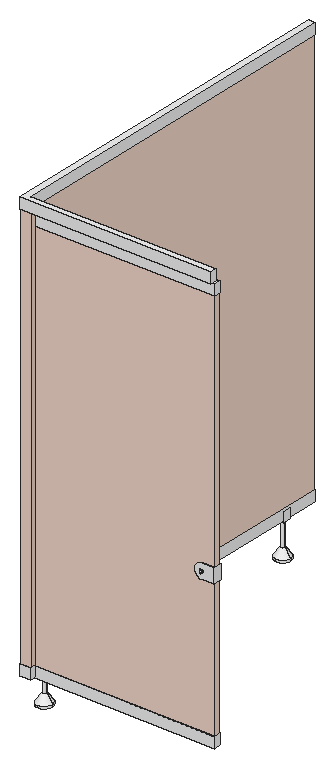
Revit family
Parameters
  Vis - Placement Lines = yes
  Vis - Door RHS = no
  Vis - Door LHS = yes
  Vis - Cubicle Legs = yes
  Top Frame Depth = 45 mm
  Plumbing Duct Depth = 300 mm
  Material Cubicle Panels = Toilet Cubicle Paneling
  Material Cubicle Frame = Toilet Cubicle Frame
  Material Cubicle Feet = Toilet Cubicle Feet
  Keynote = "K32"
  Handle Mounting Height = 800 mm
  Door Width = Cubicle Width - 65 mm  # 755 mm
  Door Head Clearance = 10 mm
  Cubicle Width = Cubicle Clear Width + Cubicle Panel Thickness  # 820 mm
  Cubicle Panel Thickness = 20 mm
  Cubicle Height = 1800 mm
  Cubicle Depth = 1500 mm
  Cubicle Clear Width = 800 mm
  Bttm Frame Depth = 45 mm
  Base Offset = 150 mm
Reference planes
  plane 1 "Center (Front/Back)": y = 0
  plane 2: z = 0
  plane 3 "Center (Left/Right)": x = -12.069
  plane 4: x = -422.069
  plane 5: x = 397.931
  plane 6: y = -1800
  plane 7: y = -300
  plane 8: z = 150
  plane 9: z = 1950
  plane 10: x = -389.569
  plane 11: x = 365.431
  plane 12: z = 1905
  plane 13: z = 1895
  plane 14: x = -454.569
  plane 15: x = 430.431
  plane 16: y = -450
  plane 17: y = -1700
  plane 18: z = 800
  plane 19: z = 195
Forms (mm)
  Extrusion 1, solid, material "Toilet Cubicle Frame" <- "Material Cubicle Frame"
    sketch origin (0, -300, 0) x (1, 0, 0) y (0, 0, 1)
      loop
        line (-435.069, 1905) -> (-409.069, 1905) -> (-409.069, 1950) -> (-435.069, 1950) -> (-435.069, 1905)
      loop
        line (-435.069, 195) -> (-435.069, 150) -> (-409.069, 150) -> (-409.069, 195) -> (-435.069, 195)
    from 0 to 1513
  Extrusion 2, solid, material "Toilet Cubicle Frame" <- "Material Cubicle Frame"
    sketch origin (142.5, 0, 1950) x (0, -1, 0) y (-1, 0, 0)
      loop
        line (1813, 551.569) -> (1787.295, 551.569) -> (1787.295, -222.931) -> (1813, -222.931) -> (1813, 551.569)
    from 0 to 45
  Extrusion 3, solid, material "Toilet Cubicle Frame" <- "Material Cubicle Frame"
    sketch origin (0, 0, 1950) x (0, -1, 0) y (-1, 0, 0)
      loop
        line (1813, 409.069) -> (1787.25, 409.069) -> (1787.25, 389.569) -> (1813, 389.569) -> (1813, 409.069)
    from 1755 to 1800
  Sweep 4, solid, material "Toilet Cubicle Paneling" <- "Material Cubicle Panels"
    path origin (0, 0, 0) x (1, 0, 0) y (0, 1, 0)
      loop
        line (-422.069, -300) -> (-422.069, -1800) -> (-389.569, -1800)
    profile origin (-422.069, -1050, 0) x (1, 0, 0) y (0, 0, 1)
      loop
        line (-10, 195) -> (10, 195) -> (10, 1905) -> (-10, 1905) -> (-10, 195)
Cuts and joins
  joined: Extrusion 1, Extrusion 2, Extrusion 3
Lines and regions (mm)
  symbolic lines, style "Toilet Cubicles", visible <- "Vis - Placement Lines"
    curve 1: line (-422.069, -300, 0) -> (397.931, -300, 0)
    curve 2: line (397.931, -300, 0) -> (397.931, -1800, 0)
Dimensions and locks
  equal spacing: plane 4, plane 3 "Center (Left/Right)", plane 5
  "Cubicle Width": plane 4 to plane 5
  "Plumbing Duct Depth": plane 7 to plane 1 "Center (Front/Back)"
  "Cubicle Depth": plane 6 to plane 7
  "Base Offset": plane 8 to level
  "Cubicle Height": plane 9 to plane 8
  equal spacing: plane 10, plane 3 "Center (Left/Right)", plane 11
  "Door Width": plane 10 to plane 11
  "Top Frame Depth": plane 9 to plane 12
  "Door Head Clearance": plane 12 to plane 13
  equal spacing: plane 14, plane 4, plane 10
  equal spacing: plane 11, plane 5, plane 15
  plane 16 to plane 7 = 150 mm
  plane 6 to plane 17 = 100 mm
  "Handle Mounting Height": plane 18 to level
  "Bttm Frame Depth": plane 19 to plane 8
  equal spacing: Sweep 4 sketch curve, nested 3, Sweep 4 sketch curve
  "Cubicle Panel Thickness": Sweep 4 sketch curve to Sweep 4 sketch curve
  aligned and locked: plane 16 to nested 1
  aligned and locked: nested 1 to plane 4
  aligned and locked: nested 2 to plane 4
  aligned and locked: plane 17 to nested 2
  aligned and locked: Extrusion 2 to plane 9
  aligned and locked: plane 12 to Extrusion 2
  aligned and locked: Extrusion 2 sketch curve to plane 11
  aligned and locked: plane 8 to Extrusion 3
  aligned and locked: nested 3 to plane 13
  aligned and locked: Extrusion 2 to cut or joined group of Extrusion 1, Extrusion 2, Extrusion 3
  aligned and locked: plane 6 to nested 3
  aligned and locked: nested 3 to plane 3 "Center (Left/Right)"
  aligned and locked: curve 1 to cut or joined group of Extrusion 1, Extrusion 2, Extrusion 3
  aligned and locked: plane 5 to curve 2
  aligned and locked: Extrusion 1 sketch curve to plane 19
  aligned and locked: plane 19 to cut or joined group of Extrusion 1, Extrusion 2, Extrusion 3
  aligned and locked: plane 4 to Sweep 4 sketch curve
  aligned and locked: nested 3 to Sweep 4 sketch curve
  aligned and locked: plane 6 to Sweep 4 sketch curve
  aligned and locked: Sweep 4 to plane 12
  aligned and locked: Sweep 4 sketch curve to plane 19
  aligned and locked: Sweep 4 sketch curve to plane 12
  aligned and locked: cut or joined group of Extrusion 1, Extrusion 2, Extrusion 3 to cut or joined group of Extrusion 1, Extrusion 2, Extrusion 3
Automatic sketch dimensions
  Extrusion 1 sketch curve to plane 8 = 0 mm
  Extrusion 1 sketch curve to plane 12 = 0 mm
  Extrusion 1 sketch curve to plane 9 = 0 mm
  Extrusion 2 sketch curve to plane 6 = 12.705 mm
  plane 6 to Extrusion 2 sketch curve = 13 mm
  Extrusion 2 sketch curve to Extrusion 2 sketch curve = 774.5 mm
  Extrusion 3 sketch curve to plane 10 = 0 mm
  plane 6 to Extrusion 3 sketch curve = 13 mm
  Extrusion 3 sketch curve to plane 4 = 13 mm
  plane 4 to Extrusion 1 sketch curve = 13 mm  (x2)
  Extrusion 1 sketch curve to plane 4 = 13 mm  (x2)
  curve 1 to plane 4 = 0 mm
  curve 2 to plane 6 = 0 mm
  Extrusion 3 sketch curve to plane 6 = 12.75 mm
  Sweep 4 sketch curve to plane 7 = 0 mm
Nested families
  nested 1: "Toilet Cubicle Leg" at (-422.069, -450, 0), type "Toilet Cubicle Leg"
  nested 2: "Toilet Cubicle Leg" at (-422.069, -1700, 0), type "Toilet Cubicle Leg"
  nested 3: "UK_Toilet Door" at (-10, 0, 0), Cubicle Width <- "Cubicle Width", type "End/Corner Cubicle"
    with Door Width 755 mm, Cubicle Width 820 mm
Definition of nested family "Toilet Cubicle Leg"
  Parameters
    Vis - Cubicle Legs = yes
    Partition Thickness = 20 mm
    Material Legs = Metal - Aluminium
    Foot Height = 150 mm
  Reference planes
    plane 1 "Center (Front/Back)": y = 0
    plane 2: z = 0
    plane 3 "Center (Left/Right)": x = 0
    plane 4: z = 150
    plane 5: x = -10
    plane 6: x = 10
  Forms (mm)
    Revolve 1, solid, material "Metal - Aluminium" <- "Material Legs", visible <- "Vis - Cubicle Legs"
      sketch origin (0, 0, 0) x (1, 0, 0) y (0, 0, 1)
        loop
          line (-7.5, 145) -> (-7.5, 43.57) -> (-32.943, 7.234) -> (-32.943, 0) -> (0, 0) -> (0, 145) -> (-7.5, 145)
        axis (0, 0) -> (0, 145)
      angle from 0 to 360
    Extrusion 2, solid, material "Metal - Aluminium" <- "Material Legs", visible <- "Vis - Cubicle Legs"
      sketch origin (0, 0, 0) x (1, 0, 0) y (0, 0, 1)
        loop
          line (15, 145) -> (15, 185) -> (10, 185) -> (10, 150) -> (-10, 150) -> (-10, 185) -> (-15, 185) -> (-15, 145) -> (15, 145)
      from 15 to -15
  Dimensions and locks
    "Foot Height": plane 4 to plane 2
    "Partition Thickness": plane 6 to plane 5
    equal spacing: plane 6, plane 3 "Center (Left/Right)", plane 5
    aligned and locked: plane 6 to Extrusion 2 sketch curve
    aligned and locked: plane 5 to Extrusion 2 sketch curve
  Automatic sketch dimensions
    Revolve 1 sketch curve to level = 0 mm
    Revolve 1 sketch curve to plane 3 "Center (Left/Right)" = 0 mm  (x2)
    Revolve 1 sketch curve to plane 3 "Center (Left/Right)" = 7.5 mm
    Revolve 1 sketch curve to plane 3 "Center (Left/Right)" = 32.943 mm
    Revolve 1 sketch curve to level = 60 mm
    Revolve 1 sketch curve to Revolve 1 sketch curve = 7.234 mm
    level to Revolve 1 sketch curve = 43.57 mm
    plane 4 to Revolve 1 sketch curve = 5 mm
    Revolve 1 sketch curve to plane 4 = 65 mm
    Extrusion 2 sketch curve to plane 4 = 0 mm
    Extrusion 2 sketch curve to Extrusion 2 sketch curve = 5 mm  (x2)
    plane 4 to Extrusion 2 sketch curve = 5 mm
    Extrusion 2 sketch curve to Extrusion 2 sketch curve = 35 mm
    Extrusion 2 sketch curve to Extrusion 2 sketch curve = 0 mm
Definition of nested family "UK_Toilet Door"
  Parameters (values of type "End/Corner Cubicle")
    Vis - Door RHS = no
    Vis - Door LHS = yes
    Top Frame Depth = 45 mm
    Material Cubicle Panels = Toilet Cubicle Paneling
    Material Cubicle Frame = Toilet Cubicle Frame
    Material Cubicle Feet = Toilet Cubicle Feet
    Handle Mounting Height = 800 mm
    Door Width [instance] = Cubicle Width - 65 mm  # 735 mm
    Door Head Clearance = 10 mm
    Cubicle Width [instance] = 800 mm
    Cubicle Panel Thickness = 20 mm
    Cubicle Height = 1800 mm
    Cubicle Depth = 1500 mm
    Bttm Frame Depth = 45 mm
    Base Offset = 150 mm
  Types (4, lengths in mm): name | Door Width | Cubicle Width
    (no name) | 735 | 800
    End/Corner Cubicle | 735 | 800
    Mid Cubicle | 785 | 850
    Cubicle Abutting Wall | 785 | 850
  Reference planes
    plane 1: z = 0
    plane 2 "Center (Left/Right)": x = -2.069
    plane 3: x = -402.069
    plane 4: x = 397.931
    plane 5 "Front of Cubicle": y = -1800
    plane 6: z = 150
    plane 7: z = 1950
    plane 8: x = -369.569
    plane 9: x = 365.431
    plane 10: z = 1905
    plane 11: z = 1895
    plane 12: z = 195
    plane 13: x = -434.569
    plane 14: x = 430.431
    plane 15: z = 800
    plane 16: y = -1780
  Forms (mm)
    Extrusion 1, solid, material "Toilet Cubicle Frame" <- "Material Cubicle Frame"
      sketch origin (-2.069, 0, 0) x (0, 1, 0) y (0, 0, 1)
        loop
          line (-1793, 1850) -> (-1767, 1850) -> (-1767, 1895) -> (-1793, 1895) -> (-1793, 1850)
        loop
          line (-1793, 195) -> (-1793, 150) -> (-1767, 150) -> (-1767, 195) -> (-1793, 195)
      from 367.5 to -367.5
    Extrusion 2, solid, material "Toilet Cubicle Paneling" <- "Material Cubicle Panels"
      sketch origin (0, 0, 0) x (1, 0, 0) y (0, 1, 0)
        loop
          line (-369.569, -1790) -> (365.431, -1790) -> (365.431, -1770) -> (-369.569, -1770) -> (-369.569, -1790)
      from 195 to 1850
  Lines and regions (mm)
    symbolic lines, visible <- "Vis - Door LHS"
      curve 1: line (-369.569, -1767, 0) -> (-369.569, -1032, 0)
      curve 2: arc (365.431, -1767, 0) -> (150.155, -1247.277, 0) -> (-369.569, -1032, 0) r 735
    symbolic lines, visible <- "Vis - Door RHS"
      curve 3: line (365.431, -1767, 0) -> (365.431, -1032, 0)
      curve 4: arc (-369.569, -1767, 0) -> (-154.292, -1247.277, 0) -> (365.431, -1032, 0) r 735
  Dimensions and locks
    equal spacing: plane 3, plane 2 "Center (Left/Right)", plane 4
    "Cubicle Width": plane 3 to plane 4
    "Base Offset": plane 6 to level
    "Cubicle Height": plane 7 to plane 6
    equal spacing: plane 8, plane 2 "Center (Left/Right)", plane 9
    "Door Width": plane 8 to plane 9
    "Top Frame Depth": plane 7 to plane 10
    "Door Head Clearance": plane 10 to plane 11
    "Bttm Frame Depth": plane 12 to plane 6
    equal spacing: plane 13, plane 3, plane 8
    equal spacing: plane 9, plane 4, plane 14
    "Handle Mounting Height": plane 15 to level
    "Cubicle Panel Thickness": plane 5 "Front of Cubicle" to plane 16
    equal spacing: Extrusion 2, plane 16, Extrusion 2
    "Cubicle Panel Thickness": Extrusion 2 to Extrusion 2
    locked: Extrusion 1 sketch curve to Extrusion 2 at 3  (x2)
    locked: Extrusion 2 to Extrusion 1 sketch curve at 3  (x2)
    aligned and locked: curve 2 to plane 8
    aligned and locked: plane 15 to nested 2
    aligned and locked: nested 1 to plane 9
    aligned and locked: nested 2 to plane 8
    aligned and locked: plane 16 to nested 1
    aligned and locked: nested 2 to plane 16
    aligned and locked: Extrusion 1 sketch curve to plane 11
    aligned and locked: Extrusion 1 to plane 9
    aligned and locked: plane 8 to Extrusion 1
    aligned and locked: Extrusion 2 to Extrusion 1
    aligned and locked: plane 12 to Extrusion 2
    aligned and locked: plane 8 to Extrusion 2
    aligned and locked: Extrusion 2 to plane 9
    aligned and locked: curve 1 to plane 8
    aligned and locked: curve 3 to plane 9
  Automatic sketch dimensions
    curve 1 to plane 5 "Front of Cubicle" = 33 mm
    curve 2 to curve 1 = 0 mm
    Extrusion 1 sketch curve to plane 6 = 0 mm
    Extrusion 1 sketch curve to plane 12 = 0 mm
    plane 11 to Extrusion 1 sketch curve = 45 mm
    Extrusion 2 sketch curve to plane 16 = 10 mm
    Extrusion 2 sketch curve to plane 8 = 0 mm
    plane 9 to Extrusion 2 sketch curve = 0 mm
    Extrusion 2 sketch curve to plane 5 "Front of Cubicle" = 10 mm
  Nested families
    nested 1: "Toilet Cubicle Handle" at (365.431, -1779.907, 0), visible <- "Vis - Door LHS", type "Toilet Cubicle Handle"
    nested 2: "Toilet Cubicle Handle" at (-369.569, -1779.907, -0.091) x (-1, 0, 0) z (0, 0, 1), visible <- "Vis - Door RHS", type "Toilet Cubicle Handle"
  Definition of nested family "Toilet Cubicle Handle"
    Parameters
      Panel Thickness = 20 mm
      Material  Handle = none
      Handle Z = 800 mm
      Handle X = 50 mm
    Reference planes
      plane 1 "Center (Front/Back)": y = -0.093
      plane 2: z = 0
      plane 3 "Center (Left/Right)": x = 0
      plane 4: z = 800
      plane 5: x = -50
      plane 6: y = -10.093
      plane 7: y = 9.907
    Forms (mm)
      Extrusion 1, solid, material <- "Material  Handle"
        sketch origin (0, -0.093, 0) x (1, 0, 0) y (0, 0, 1)
          loop
            line (0, 770) -> (0, 830.183) -> (-49.948, 830.183)
            arc (-49.948, 830.183) -> (-80.039, 800.091) -> (-49.948, 770) r 30.091
            line (-49.948, 770) -> (0, 770)
          loop
            circle (-49.948, 800.091) r 10
        from -18 to 18
    Dimensions and locks
      "Handle X": plane 5 to plane 3 "Center (Left/Right)"
      "Handle Z": plane 4 to level
      equal spacing: plane 7, plane 1 "Center (Front/Back)", plane 6
      "Panel Thickness": plane 6 to plane 7
      locked: Extrusion 1 to plane 7 at 8
      locked: Extrusion 1 to plane 6 at 8
    Automatic sketch dimensions
      Extrusion 1 sketch curve to Extrusion 1 sketch curve = 0 mm  (x2)
      Extrusion 1 sketch curve to plane 3 "Center (Left/Right)" = 0 mm
      Extrusion 1 sketch curve to plane 5 = 0.052 mm
      plane 4 to Extrusion 1 sketch curve = 30 mm
      Extrusion 1 sketch curve to plane 4 = 0.091 mm
      radius of Extrusion 1 sketch curve = 10 mm
